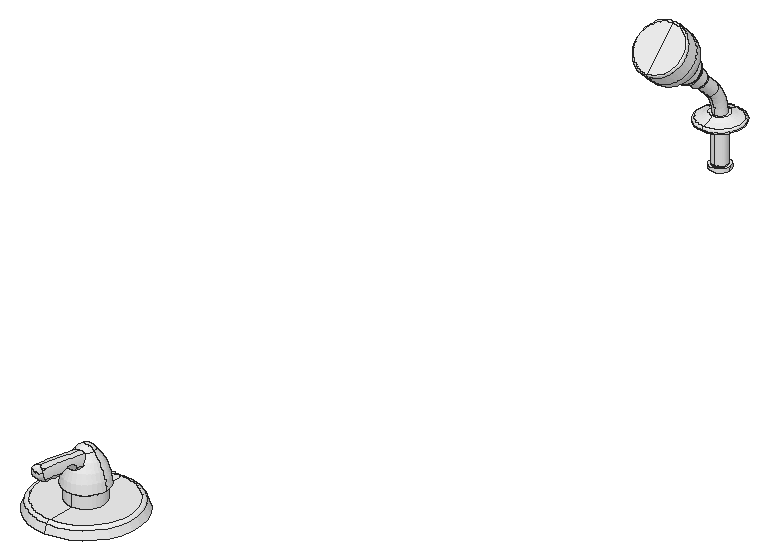
Revit family "S-9601-PLR", category Plumbing Fixtures, host Face, Revit 2019
Family settings
  Host = Face
  Round Connector Dimension = Use Diameter
  Part Type = Normal
  OmniClass Number = 23.65.70.11.11
  OmniClass Title = Fixtures for Liquids
  Cut with Voids When Loaded = No
  Shared = No
  Room Calculation Point = No
Parameters (values of type "1.2 GPM Flow Restrictor, Chrome")
  z Wide Lever = 0
  z Visibility = no
  z Valve = M Valve&diverter : Chrome
  z Type Model = 0
  z Type GPM = 0
  z Type Finish = 0
  z Type = 0
  z Slip On Tub = 0
  z Showerhead = shower head : Chrome
  z Reverse Core = 0
  z Pipe Radius = 0.000"
  z Overall Width = 0.000"
  z Overall Height = 0.000"
  z Overall Depth = 0.000"
  z Offset = 0.000"
  z Integral Service Stops = 0
  z Has Wide Lever Handle = no
  z Has Volume Control = no
  z Has Trim = no
  z Has Slip On Tub Spout = no
  z Has Showerhead = no
  z Has Reverse Core = no
  z Has Rebuild Kit Trim Only = no
  z Has Integral Service Stops = no
  z Has Check Stops = no
  z Has 2.0 GPM Flow Restrictor = no
  z Has 1.5 GPM Flow Restrictor = no
  z Has .5 Inch Female Connections = no
  z GPM Number = 0
  z GPM GPM = 0.000 GPM
  z Flow Rate = 0
  z Error Box Width = 0.000"
  z Error Box Height = 0.000"
  z Error Box Depth = 0.000"
  z .5 Inch Female Connections = 0
  z  Showerhead = 0
  Waste Connection = no
  Vent Connection = no
  URL = ""
  Product Material = Chrome - Symmons - Polished
  Model = ""
  Manufacturer = ""
  HW Connection = no
  Gallons Per Minute = 0.000 GPM
  Description = ""
  Default Elevation = 0.000"
  Date Modified = ""
  Date Created = ""
  CW Connection = no
Types (8): name | z Visibility | z Has Wide Lever Handle | z Has Volume Control | z Has Slip On Tub Spout | z Has Showerhead | z Has Reverse Core | z Has Integral Service Stops | z Has Check Stops | z Has 2.0 GPM Flow Restrictor | z Has 1.5 GPM Flow Restrictor | z Has .5 Inch Female Connections | Product Material | Gallons Per Minute
  1.2 GPM Flow Restrictor, Chrome | no | no | no | no | no | no | no | no | no | no | no | Chrome - Symmons - Polished | 0.000 GPM
  1.2 GPM Flow Restrictor, Satin Nickel | yes | yes | yes | yes | yes | yes | yes | yes | yes | yes | yes | Nickel - Symmons - Satin | 1.200 GPM
  1.5 GPM Flow Restrictor, Satin Nickel | yes | yes | yes | yes | yes | yes | yes | yes | yes | yes | yes | Nickel - Symmons - Satin | 1.500 GPM
  1.75 GPM Flow Restrictor, Satin Nickel | yes | yes | yes | yes | yes | yes | yes | yes | yes | yes | yes | Nickel - Symmons - Satin | 1.750 GPM
  2.0 GPM Flow Restrictor, Satin Nickel | yes | yes | yes | yes | yes | yes | yes | yes | yes | yes | yes | Nickel - Symmons - Satin | 0.000 GPM
  1.5 GPM Flow Restrictor, Chrome | yes | yes | yes | yes | yes | yes | yes | yes | yes | yes | yes | Chrome - Symmons - Polished | 1.500 GPM
  1.75 GPM Flow Restrictor, Chrome | yes | yes | yes | yes | yes | yes | yes | yes | yes | yes | yes | Chrome - Symmons - Polished | 1.750 GPM
  2.0 GPM Flow Restrictor, Chrome | yes | yes | yes | yes | yes | yes | yes | yes | yes | yes | yes | Chrome - Symmons - Polished | 2.000 GPM
Reference planes (in)
  plane 1 "Center (Front/Back)": y = 0
  plane 2 "Center (Elevation)": z = 0
  plane 3 "Center (Left/Right)": x = 0
  plane 4: x = -3.75
  plane 5: y = 28.5
  plane 6: x = 3.75
  plane 7: z = 0
  plane 8: z = 9.325
  plane 9: y = -12
  plane 10: y = 45
  plane 11: z = 0
Dimensions and locks (in)
  equal spacing: plane 4, plane 3 "Center (Left/Right)", plane 6
  plane 4 to plane 6 = 7.500"
  plane 5 to plane 1 "Center (Front/Back)" = 28.500"
  plane 7 to plane 2 "Center (Elevation)" = 0.000"
  plane 8 to plane 7 = 9.325"
  locked: plane 1 "Center (Front/Back)" to plane 9 at 12
  locked: plane 10 to plane 1 "Center (Front/Back)" at 45
  plane 11 to plane 7 = 0.000"
  plane 10 to plane 9 = 57.000"
  aligned and locked: plane 2 "Center (Elevation)" to host face
  aligned and locked: level to host face
Automatic sketch dimensions
  host sketch curve to host sketch curve = 7.44425"
  host sketch curve to host sketch curve = 60.71207"
Nested families (in)
  nested 1: "shower head" at (0, 44.98453, 0), type "Chrome"
    with z Pipe Radius 0.250", z Overall Width 2.500", z Overall Height 2.500", z Overall Depth 7.500", z Offset 1.000", Part Number "", Part Description "Single Mode Showerhead, 2.0 Flow Rate Restrictor, Chrome", Equipment Number ""
  nested 2: "M Valve&diverter" at (-0.00649, 0.06617, 0), type "Satin Nickel"
    with zz Length 9 4.000", zz Length 10 0.100", Part Number "3500-CYL-B", Part Description "Shower Valve System with Symmons Temptrol mixing valve,Chrome", Equipment Number ""
Connectors (in)
  piping at (0, 44.98453, -2.375), diameter 0.5
    settings: on nested 1, index 3, connector inside diameter 24", connector length 0.000", flow factor 0, pipe flow 0.000 GPM, pressure drop 0.00 psi, fitting loss kfactor 0, connector angle 0.000°, fixture units 0, engagement length 0.000", angle of deflection 0.000°, flow configuration 0, flow direction 1, fitting loss method 0, system type 29, joint type 0, gender type 0, connector reference index -1, connector utility 0, adjustable connector no, is connector primary yes, connector description "Shower Head Supply"
Definition of nested family "shower head"
  Parameters (values of type "Chrome")
    z Type GPM = 0
    z Type Flow Restrictor = 0
    z Type Finish = 0
    z Pipe Radius [instance] = 0.000"
    z Overall Width [instance] = 2.500"
    z Overall Height [instance] = 2.500"
    z Overall Depth [instance] = 7.500"
    z Offset [instance] = 1.000"
    z GPM Number = 0
    z GPM GPM = 0.000 GPM
    URL = ""
    Product Page URL = ""
    Product Material = none
    Product Documentation Link = ""
    Part Number [instance] = ""
    Part Description [instance] = ""
    Model Disclaimer = ""
    Model = ""
    Manufacturer = ""
    Gallons Per Minute = 0.000 GPM
    Family Version = ""
    Equipment Number [instance] = ""
    Equipment Abbreviation = ""
    Description = ""
    Default Elevation = 0.000"
    Date Modified = ""
    Date Created = ""
    Copyright = ""
  Types (2): name | z Pipe Radius
    Chrome | 0.000"
    Satin Nickel | 0.250"
  Reference planes (in)
    plane 1 "Center (Front/Back)": y = 0
    plane 2 "Center (Elevation)": z = 0
    plane 3 "Center (Left/Right)": x = 0
    plane 4: x = -1.25
    plane 5: y = 1.25
    plane 6: y = -1.25
    plane 7: x = 1.25
    plane 8: z = -1
    plane 9: z = 6.5
    plane 10: z = 0
    plane 11: y = -0.5
    plane 12: z = 0.33234
    plane 13: z = 0.15
    plane 14: y = -0.5695
  Forms (in)
    Extrusion 1, solid
      sketch origin (0, 0, 0) x (1, 0, 0) y (0, 1, 0)
        loop
          line (-1.75, 1.5) -> (-1.75, -1.77927) -> (1.52741, -1.77927) -> (1.52741, 1.5) -> (-1.75, 1.5)
      from 0 to -0.35383
    Revolve 2, solid, material <- "Product Material"
      sketch origin (0, 0, 0) x (0, 1, 0) y (0, 0, 1)
        loop
          line (0, 0.43) -> (-0.531, 0.43)
          arc (-0.531, 0.43) -> (-0.83077, 0.27718) -> (-1.152, 0.17705) r 1.98967
          arc (-1.152, 0.17705) -> (-1.22247, 0.13328) -> (-1.25, 0.05503) r 0.12497
          line (-1.25, 0.05503) -> (-1.25, 0) -> (-0.40524, 0) -> (-0.40524, -2.0983) -> (-0.37019, -2.11854) -> (-0.40524, -2.1364) -> (-0.40524, -2.16734) -> (-0.37033, -2.1875) -> (0, -2.1875) -> (0, 0.43)
        axis (0, -2.1875) -> (0, 0.43)
      angle from 0 to 360
    Revolve 3, solid, material <- "Product Material"
      sketch origin (0, 0, 0) x (0, 1, 0) y (0, 0, 1)
        loop
          line (-1.44893, 2.69442) -> (-4.27736, 5.52285) -> (-5.19512, 4.60509)
          arc (-5.19512, 4.60509) -> (-5.20669, 4.53512) -> (-5.17463, 4.47185) r 0.11397
          line (-5.17463, 4.47185) -> (-4.60328, 3.9005)
          arc (-4.60328, 3.9005) -> (-4.06, 3.55859) -> (-3.42138, 3.49354) r 1.40724
          arc (-3.42138, 3.49354) -> (-3.29656, 3.50007) -> (-3.18333, 3.44713) r 0.25784
          arc (-3.18333, 3.44713) -> (-3.16288, 3.42915) -> (-3.13674, 3.43676) r 0.02828
          line (-3.13674, 3.43676) -> (-3.09845, 3.47505) -> (-3.07648, 3.45308) -> (-3.11506, 3.4145) -> (-3.11506, 3.38343) -> (-3.08249, 3.416) -> (-3.02529, 3.4439) -> (-3.05483, 3.38834) -> (-3.03131, 3.36481) -> (-2.98876, 3.40736) -> (-2.96619, 3.38479) -> (-3.04685, 3.30413) -> (-2.85198, 3.10926) -> (-2.68557, 3.27567) -> (-2.66164, 3.24392) -> (-2.68364, 3.22193) -> (-2.636, 3.17429) -> (-2.67763, 3.13266) -> (-2.65558, 3.11061) -> (-2.7474, 3.01878)
          arc (-2.7474, 3.01878) -> (-2.70574, 3.00152) -> (-2.66407, 3.01878) r 0.05892
          line (-2.66407, 3.01878) -> (-2.54206, 3.14079)
          arc (-2.54206, 3.14079) -> (-2.44086, 3.09588) -> (-2.33184, 3.07652) r 0.45876
          line (-2.33184, 3.07652) -> (-2.26301, 3.00769) -> (-2.32244, 2.90048) -> (-1.92136, 2.49939) -> (-1.87345, 2.54729) -> (-1.85127, 2.52511) -> (-1.80643, 2.53464) -> (-1.81792, 2.49176) -> (-1.79616, 2.47) -> (-1.75329, 2.48149) -> (-1.76477, 2.43861) -> (-1.73476, 2.4086) -> (-1.44893, 2.69442)
        axis (-1.44893, 2.69442) -> (-4.27736, 5.52285)
      angle from 0 to 360
    Sweep 4, solid, material <- "Product Material"
      path origin (0, 0, 0) x (0, 1, 0) y (0, 0, 1)
        loop
          line (-1.4794, 2.72506) -> (-0.65089, 1.89655)
          arc (-0.65089, 1.89655) -> (-0.1891, 1.22379) -> (0, 0.43) r 2.23181
      profile origin (0, -1.06515, 2.3108) x (0, 0.707107, 0.707107) y (1, 0, 0)
        loop
          circle (-0.00012, 0) r 0.35413
    Extrusion 5, solid, material <- "Product Material"
      sketch origin (0, 0, 0) x (1, 0, 0) y (0, 1, 0)
        loop
          circle (0, 0) r 0.40524
        loop
          circle (0, 0) r 0.54462
      from -2.375 to -2.1875
  Lines and regions (in)
    Masking region 1
      outline origin (0, 0, 0) x (1, 0, 0) y (0, 0, 1)
        loop
          line (-1.25, 0) -> (-0.5, 0) -> (-0.5, -1) -> (0.5, -1) -> (0.5, 0) -> (1.25, 0) -> (1.25, 0.14959) -> (0.5695, 0.33234) -> (0.5, 0.33234) -> (0.5, 6.26256)
          spline (0.5, 6.26256) -> (0.53792, 6.27801) -> (0.5732, 6.29456) -> (0.60567, 6.31211) -> (0.63516, 6.33059) -> (0.66153, 6.3499) -> (0.68465, 6.36995) -> (0.70441, 6.39063) -> (0.72072, 6.41185) -> (0.73348, 6.43351) -> (0.74264, 6.45549) -> (0.74816, 6.47769) -> (0.75, 6.5)
          line (0.75, 6.5) -> (0.75, 7.07479) -> (1.25, 7.36347) -> (1.49591, 7.60938) -> (1.49591, 8.60938)
          spline (1.49591, 8.60938) -> (1.44494, 8.76866) -> (1.2955, 8.91709) -> (1.05777, 9.04454) -> (0.74795, 9.14235) -> (0.38717, 9.20383) -> (0, 9.2248) -> (-0.38717, 9.20383) -> (-0.74795, 9.14235) -> (-1.05777, 9.04454) -> (-1.2955, 8.91709) -> (-1.44494, 8.76866) -> (-1.49591, 8.60938)
          line (-1.49591, 8.60938) -> (-1.49591, 7.60938) -> (-1.25, 7.36347) -> (-0.75, 7.07479) -> (-0.75, 6.5)
          spline (-0.75, 6.5) -> (-0.74816, 6.47769) -> (-0.74264, 6.45549) -> (-0.73348, 6.43351) -> (-0.72072, 6.41185) -> (-0.70441, 6.39063) -> (-0.68465, 6.36995) -> (-0.66153, 6.3499) -> (-0.63516, 6.33059) -> (-0.60567, 6.31211) -> (-0.5732, 6.29456) -> (-0.53792, 6.27801) -> (-0.5, 6.26256)
          line (-0.5, 6.26256) -> (-0.5, 0.33234) -> (-0.5695, 0.33234) -> (-1.25, 0.14959) -> (-1.25, 0)
    symbolic lines, detail levels fine
      curve 1: line (-0.5, 0, 0.33234) -> (0.5, 0, 0.33234)
      curve 2: line (-1.25, 0, 0.14959) -> (1.25, 0, 0.14959)
      curve 3: spline (-0.5, 0, 6.26256) -> (-0.67885, 0, 6.36457) -> (-0.74948, 0, 6.48818) -> (-0.70063, 0, 6.61367) -> (-0.54008, 0, 6.72104) -> (-0.29343, 0, 6.79317) -> (0, 0, 6.81857) -> (0.29343, 0, 6.79317) -> (0.54008, 0, 6.72104) -> (0.70063, 0, 6.61367) -> (0.74948, 0, 6.48818) -> (0.67885, 0, 6.36457) -> (0.5, 0, 6.26256)
      curve 4: spline (-1.49591, 1.25, 7.60938) -> (-1.44494, 1.25, 7.80085) -> (-1.2955, 1.25, 7.97927) -> (-1.05777, 1.25, 8.13249) -> (-0.74795, 1.25, 8.25006) -> (-0.38717, 1.25, 8.32397) -> (0, 1.25, 8.34917) -> (0.38717, 1.25, 8.32397) -> (0.74795, 1.25, 8.25006) -> (1.05777, 1.25, 8.13249) -> (1.2955, 1.25, 7.97927) -> (1.44494, 1.25, 7.80085) -> (1.49591, 1.25, 7.60938)
      curve 5: spline (-0.5, 1.25, 6.5) -> (-0.48296, 1.25, 6.55497) -> (-0.43301, 1.25, 6.60619) -> (-0.35355, 1.25, 6.65017) -> (-0.25, 1.25, 6.68392) -> (-0.12941, 1.25, 6.70514) -> (0, 1.25, 6.71238) -> (0.12941, 1.25, 6.70514) -> (0.25, 1.25, 6.68392) -> (0.35355, 1.25, 6.65017) -> (0.43301, 1.25, 6.60619) -> (0.48296, 1.25, 6.55497) -> (0.5, 1.25, 6.5)
      curve 6: line (-0.5, 1.25, 6.5) -> (-0.5, 1.25, 6.26256)
      curve 7: line (0.5, 1.25, 6.5) -> (0.5, 1.25, 6.26256)
  Dimensions and locks (in)
    equal spacing: plane 4, plane 3 "Center (Left/Right)", plane 7
    "z Overall Width": plane 4 to plane 7
    equal spacing: plane 5, plane 1 "Center (Front/Back)", plane 6
    "z Overall Height": plane 5 to plane 6
    "z Overall Depth": plane 9 to plane 8
    plane 12 to plane 13 to plane 10 to plane 8 = 0.18234" locked, 0.150" locked, 1.000" locked
    plane 6 to plane 14 to plane 11 = 0.6805" locked, 0.0695" locked
    "z Offset": plane 2 "Center (Elevation)" to plane 8
    Masking region 1 sketch curve to Masking region 1 sketch curve to Masking region 1 sketch curve to Masking region 1 sketch curve to Masking region 1 sketch curve to plane 3 "Center (Left/Right)" to Masking region 1 sketch curve to Masking region 1 sketch curve to Masking region 1 sketch curve to Masking region 1 sketch curve to Masking region 1 sketch curve = 0.74591" locked, 0.1805" locked, 0.0695" locked, 0.000" locked, 0.500" locked, 0.500" locked, 0.000" locked, 0.0695" locked, 0.1805" locked, 0.74591" locked
    Masking region 1 sketch curve to Masking region 1 sketch curve to plane 2 "Center (Elevation)" = 0.000" locked, 0.33234" locked
    locked: curve 2 to plane 8 at 1.14959
    equal spacing: curve 1, plane 3 "Center (Left/Right)", curve 1
    locked: curve 1 to curve 1 at 1
    locked: curve 1 to plane 8 at 1.33234
    equal spacing: curve 3, plane 3 "Center (Left/Right)", curve 3
    locked: curve 3 to curve 3 at 1
    locked: curve 4 to plane 9 at 1.10938
    equal spacing: curve 4, plane 3 "Center (Left/Right)", curve 4
    locked: curve 4 to curve 4 at 2.99182
    curve 4 to curve 4 to plane 9 = 0.000" locked, 1.10938" locked
    Masking region 1 sketch curve to plane 9 to Masking region 1 sketch curve to Masking region 1 sketch curve to Masking region 1 sketch curve = 0.000" locked, 0.000" locked, 0.23744" locked, 0.000" locked
    plane 9 to curve 6 to curve 7 = 0.23744" locked, 0.000" locked
    aligned and locked: plane 2 "Center (Elevation)" to Extrusion 1
    aligned and locked: level to Extrusion 1
    aligned and locked: Revolve 2 sketch curve to plane 1 "Center (Front/Back)"
    aligned and locked: Masking region 1 sketch curve to plane 8
    aligned and locked: Masking region 1 sketch curve to plane 2 "Center (Elevation)"  (x2)
    aligned and locked: plane 7 to curve 2
    aligned and locked: plane 4 to curve 2
    aligned and locked: plane 9 to Masking region 1 sketch curve  (x2)
    aligned and locked: plane 3 "Center (Left/Right)" to Masking region 1 sketch curve  (x2)
    aligned and locked: plane 9 to curve 5  (x2)
    aligned and locked: plane 3 "Center (Left/Right)" to curve 5
    aligned and locked: plane 9 to curve 6
  Automatic sketch dimensions
    Extrusion 1 sketch curve to Extrusion 1 sketch curve = 3.27741"
    Extrusion 1 sketch curve to Extrusion 1 sketch curve = 3.27927"
    Masking region 1 sketch curve to plane 4 = 0.000"  (x2)
    Masking region 1 sketch curve to plane 7 = 0.000"  (x2)
    Masking region 1 sketch curve to Masking region 1 sketch curve = 0.14959"  (x2)
    Masking region 1 sketch curve to Masking region 1 sketch curve = 0.57479"  (x2)
    Masking region 1 sketch curve to Masking region 1 sketch curve = 0.28868"  (x2)
    Masking region 1 sketch curve to Masking region 1 sketch curve = 0.24591"  (x2)
    Masking region 1 sketch curve to Masking region 1 sketch curve = 1.000"
    curve 3 to plane 9 = 0.000"
    curve 3 to plane 3 "Center (Left/Right)" = 0.000"
    curve 3 to curve 3 = 0.250"
    curve 5 to curve 5 = 0.500"
    curve 3 to plane 9 = 0.23744"
    Revolve 2 sketch curve to level = 0.000"
    Revolve 2 sketch curve to plane 6 = 0.000"
    Revolve 2 sketch curve to plane 1 "Center (Front/Back)" = 0.000"
    Revolve 2 sketch curve to plane 6 = 0.33133"
    level to Revolve 2 sketch curve = 0.05503"
    plane 6 to Revolve 2 sketch curve = 0.12497"
    Revolve 2 sketch curve to plane 11 = 0.031"
    plane 11 to Revolve 2 sketch curve = 0.09476"
    Revolve 2 sketch curve to Revolve 2 sketch curve = 0.000"
    Revolve 2 sketch curve to Revolve 2 sketch curve = 0.03491"
    Revolve 2 sketch curve to plane 8 = 1.0983"
    Revolve 2 sketch curve to Revolve 2 sketch curve = 0.02016"
    plane 12 to Revolve 2 sketch curve = 0.09766"
    plane 12 to Revolve 2 sketch curve = 1.78751"
    Revolve 2 sketch curve to Revolve 2 sketch curve = 0.03505"
    Revolve 2 sketch curve to Revolve 2 sketch curve = 0.02024"
    Revolve 2 sketch curve to Revolve 2 sketch curve = 0.03095"
    Revolve 2 sketch curve to Revolve 2 sketch curve = 21.8125"
    plane 9 to Revolve 2 sketch curve = 79.77586"
    Revolve 2 sketch curve to Revolve 2 sketch curve = 0.03809"
    Revolve 3 sketch curve to plane 9 = 1.89491"
    Revolve 3 sketch curve to plane 6 = 3.94512"
    Revolve 3 sketch curve to plane 9 = 2.02815"
    Revolve 3 sketch curve to Revolve 3 sketch curve = 0.02049"
    Revolve 3 sketch curve to Revolve 3 sketch curve = 0.10108"
    Revolve 3 sketch curve to Revolve 3 sketch curve = 0.57135"  (x2)
    Revolve 3 sketch curve to plane 9 = 0.97715"  (x2)
    Revolve 3 sketch curve to Revolve 3 sketch curve = 0.81669"
    Revolve 3 sketch curve to Revolve 3 sketch curve = 0.67551"
    Revolve 3 sketch curve to Revolve 3 sketch curve = 1.25738"
    Revolve 3 sketch curve to Revolve 3 sketch curve = 0.18916"
    Revolve 3 sketch curve to Revolve 3 sketch curve = 0.020"  (x2)
    Revolve 3 sketch curve to Revolve 3 sketch curve = 0.02168"
    Revolve 3 sketch curve to Revolve 3 sketch curve = 0.03829"
    Revolve 3 sketch curve to Revolve 3 sketch curve = 0.03257"
    Revolve 3 sketch curve to Revolve 3 sketch curve = 0.02197"
    Revolve 3 sketch curve to Revolve 3 sketch curve = 0.02766"
    Revolve 3 sketch curve to Revolve 3 sketch curve = 0.00798"
    Revolve 3 sketch curve to Revolve 3 sketch curve = 0.02353"
    Revolve 3 sketch curve to Revolve 3 sketch curve = 0.05118"
    Revolve 3 sketch curve to Revolve 3 sketch curve = 0.03653"  (x2)
    Revolve 3 sketch curve to Revolve 3 sketch curve = 0.02257"
    Revolve 3 sketch curve to Revolve 3 sketch curve = 0.19487"
    Revolve 3 sketch curve to Revolve 3 sketch curve = 0.10458"
    Revolve 3 sketch curve to Revolve 3 sketch curve = 0.04167"  (x3)
    Revolve 3 sketch curve to Revolve 3 sketch curve = 0.02017"
    Revolve 3 sketch curve to Revolve 3 sketch curve = 0.00193"
    Revolve 3 sketch curve to Revolve 3 sketch curve = 0.02811"
    Revolve 3 sketch curve to Revolve 3 sketch curve = 0.02199"
    Revolve 3 sketch curve to Revolve 3 sketch curve = 0.02205"
    Revolve 3 sketch curve to Revolve 3 sketch curve = 0.04163"
    Revolve 3 sketch curve to Revolve 3 sketch curve = 0.09394"
    Revolve 3 sketch curve to Revolve 3 sketch curve = 0.21022"
    Revolve 3 sketch curve to Revolve 3 sketch curve = 0.0094"
    Revolve 3 sketch curve to Revolve 3 sketch curve = 0.35491"
    Revolve 3 sketch curve to Revolve 3 sketch curve = 0.06883"  (x2)
    Revolve 3 sketch curve to Revolve 3 sketch curve = 0.40108"
    Revolve 3 sketch curve to Revolve 3 sketch curve = 0.0479"
    Revolve 3 sketch curve to Revolve 3 sketch curve = 0.02219"
    Revolve 3 sketch curve to Revolve 3 sketch curve = 0.03334"  (x2)
    Revolve 3 sketch curve to Revolve 3 sketch curve = 0.01149"  (x2)
    Revolve 3 sketch curve to Revolve 3 sketch curve = 0.02176"  (x2)
    Revolve 3 sketch curve to Revolve 3 sketch curve = 0.03139"  (x2)
    Revolve 3 sketch curve to Revolve 3 sketch curve = 0.04287"  (x2)
    Revolve 3 sketch curve to Revolve 3 sketch curve = 0.03002"
    Revolve 3 sketch curve to plane 6 = 0.19893"
    Revolve 3 sketch curve to Revolve 3 sketch curve = 0.00763"
    Revolve 3 sketch curve to Revolve 3 sketch curve = 0.10722"
    Revolve 3 sketch curve to Revolve 3 sketch curve = 0.1183"
    Revolve 3 sketch curve to Revolve 3 sketch curve = 0.09048"
    Revolve 3 sketch curve to Revolve 3 sketch curve = 0.05016"
    Revolve 3 sketch curve to Revolve 3 sketch curve = 0.0335"
    Revolve 3 sketch curve to Revolve 3 sketch curve = 0.13773"
    Revolve 3 sketch curve to Revolve 3 sketch curve = 0.03175"
    Revolve 3 sketch curve to Revolve 3 sketch curve = 0.00491"
    Revolve 3 sketch curve to Revolve 3 sketch curve = 0.03106"
    Revolve 3 sketch curve to Revolve 3 sketch curve = 0.0015"
    Revolve 3 sketch curve to Revolve 3 sketch curve = 0.02226"
    Revolve 3 sketch curve to Revolve 3 sketch curve = 0.63369"
    Revolve 3 sketch curve to Revolve 3 sketch curve = 0.000"  (x3)
    Revolve 3 sketch curve to Revolve 3 sketch curve = 0.07548"
    Sweep 4 sketch curve to plane 1 "Center (Front/Back)" = 0.000"
    level to Sweep 4 sketch curve = 0.31842"
    Sweep 4 sketch curve to plane 6 = 0.97902"
    plane 6 to Sweep 4 sketch curve = 0.59911"
    Sweep 4 sketch curve to plane 6 = 0.2294"
    level to Sweep 4 sketch curve = 0.430"
    Sweep 4 sketch curve to Sweep 4 sketch curve = 0.82851"
    Sweep 4 sketch curve to plane 3 "Center (Left/Right)" = 0.000"
    profile plane to Sweep 4 sketch curve = 0.00012"
    Sweep 4 sketch curve to Sweep 4 sketch curve = 0.35413"
    Extrusion 5 sketch curve to Extrusion 5 sketch curve = 0.000"  (x2)
    plane 1 "Center (Front/Back)" to Extrusion 5 sketch curve = 0.000"
    Extrusion 5 sketch curve to plane 3 "Center (Left/Right)" = 0.000"
    radius of Extrusion 5 sketch curve = 0.40524"
    radius of Extrusion 5 sketch curve = 0.54462"
  Connectors (in)
    piping at (0, 0, -2.375), diameter 1.08
      settings: on Extrusion 5, index 1, connector inside diameter 24", connector length 0.000", flow factor 0, pipe flow 0.000 GPM, pressure drop 0.00 psi, fitting loss kfactor 0, connector angle 0.000°, fixture units 0, engagement length 0.000", angle of deflection 0.000°, flow configuration 0, flow direction 0, fitting loss method 0, system type 7, joint type 0, gender type 0, connector reference index -1, connector utility 0, adjustable connector no, is connector primary yes, connector description ""
Definition of nested family "M Valve&diverter"
  Parameters (values of type "Satin Nickel")
    zz Text 2 = "None Selected"
    zz Text 1 = "None Selected"
    zz Length 9 [instance] = 4.000"
    zz Length 10 [instance] = 0.100"
    URL = ""
    Product Page URL = ""
    Product Material = none
    Product Documentation Link = ""
    Part Number [instance] = ""
    Part Description [instance] = ""
    Model Disclaimer = ""
    Model = ""
    Manufacturer = ""
    Family Version = ""
    Equipment Number [instance] = ""
    Equipment Abbreviation = ""
    Description = ""
    Default Elevation = 0.000"
    Date Modified = ""
    Date Created = ""
    Copyright = ""
  Types (2): name | zz Length 9 | zz Length 10
    Chrome | 0.000" | 0.000"
    Satin Nickel | 4.000" | 0.100"
  Reference planes (in)
    plane 1 "Center (Front/Back)": y = 0
    plane 2 "Center (Elevation)": z = 0
    plane 3 "Center (Left/Right)": x = 0
    plane 4: x = -16
    plane 5: y = 3.75
    plane 6: y = -3.75
    plane 7: x = 16
    plane 8: z = 0
    plane 9: x = 3.25
    plane 10: x = -3.25
    plane 11: y = -5.75
  Forms (in)
    Extrusion 1, solid, material <- "Product Material"
      sketch origin (0, 0, 0) x (1, 0, 0) y (0, 1, 0)
        loop
          line (-3.25, 3.75) -> (-3.25, -3.75) -> (3.25, -3.75) -> (3.25, 3.75) -> (-3.25, 3.75)
      from 0 to -0.49403
  Dimensions and locks (in)
    equal spacing: plane 4, plane 3 "Center (Left/Right)", plane 7, locked at 16 each
    plane 4 to plane 7 = 32.000"
    equal spacing: plane 5, plane 1 "Center (Front/Back)", plane 6
    locked: plane 5 to plane 6 at 7.5
    equal spacing: plane 10, plane 3 "Center (Left/Right)", plane 9
    locked: plane 10 to plane 9 at 6.5
    locked: plane 6 to plane 11 at 2
    aligned and locked: plane 2 "Center (Elevation)" to Extrusion 1
    aligned and locked: level to Extrusion 1
  Automatic sketch dimensions
    Extrusion 1 sketch curve to Extrusion 1 sketch curve = 6.500"
    Extrusion 1 sketch curve to Extrusion 1 sketch curve = 7.500"
  Nested families (in)
    nested 1: "diverter" at (0, 0, 0), type "Chrome"
      with zz Length 9 0.000", zz Length 10 0.100", Part Number "3500-CYL-B", Part Description "Shower Valve System with Symmons Temptrol mixing valve,Chrome", Equipment Number ""
  Definition of nested family "diverter"
    Parameters (values of type "Satin Nickel")
      zz Text 2 = "None Selected"
      zz Text 1 = "None Selected"
      zz Length 9 [instance] = 0.000"  # constant formula
      zz Length 10 [instance] = 0.000"
      Waste Connection = no
      Vent Connection = no
      URL = ""
      Product Page URL = ""
      Product Material = none
      Product Documentation Link = ""
      Part Number [instance] = ""
      Part Description [instance] = ""
      Model Disclaimer = ""
      Model = ""
      Manufacturer = ""
      HW Connection = no
      Family Version = ""
      Equipment Number [instance] = ""
      Equipment Abbreviation = ""
      Description = ""
      Default Elevation = 0.000"  # constant formula
      Date Modified = ""
      Date Created = ""
      Copyright = ""
      CW Connection = no
    Types (2): name
      Polished Chrome
      Satin Nickel
    Reference planes (in)
      plane 1 "Center (Front/Back)": y = 0
      plane 2 "Center (Elevation)": z = 0
      plane 3 "Center (Left/Right)": x = 0
    Forms (in)
      Extrusion 1, solid, material <- "Product Material", not visible
        sketch origin (0, 0, 0) x (1, 0, 0) y (0, 1, 0)
          loop
            line (-3.25, 3.75) -> (-3.25, -3.75) -> (3.25, -3.75) -> (3.25, 3.75) -> (-3.25, 3.75)
        from 0 to -0.49403
      Revolve 2, solid, material <- "Product Material"
        sketch origin (0, 0, 0) x (1, 0, 0) y (0, 0, 1)
          loop
            line (0, 1.32575) -> (0, 3.29294)
            arc (0, 3.29294) -> (-0.26223, 3.22792) -> (-0.46371, 3.04793) r 0.56132
            arc (-0.46371, 3.04793) -> (-0.97637, 2.2511) -> (-1.18004, 1.32575) r 2.68262
            line (-1.18004, 1.32575) -> (0, 1.32575)
          axis (0, 1.32575) -> (0, 3.29294)
        angle from 0 to 360
      Sweep 3, solid, material <- "Product Material"
        path origin (0, 0, 0) x (0, 1, 0) y (0, 0, 1)
          loop
            spline (-3.46104, 3.64859) -> (-2.7314, 3.54557) -> (-2.31762, 3.48227) -> (-2.05814, 3.43692) -> (-1.8128, 3.39104) -> (-1.56301, 3.34459) -> (-1.33191, 3.3037) -> (-1.12101, 3.26778) -> (-0.91375, 3.23067) -> (-0.69389, 3.18625) -> (-0.44827, 3.12911) -> (-0.15184, 3.03897) -> (0.27347, 2.83202)
        profile origin (0, -1.33191, 3.3037) x (0, 0.168931, 0.985628) y (1, 0, 0)
          loop
            arc (-0.82742, 0) -> (-0.75571, -0.21852) -> (-0.58525, -0.37291) r 0.44918
            arc (-0.58525, -0.37291) -> (-0.32566, -0.3437) -> (-0.07626, -0.26597) r 1.3764
            arc (-0.07626, -0.26597) -> (-0.01085, -0.14081) -> (0, 0) r 0.35132
            arc (0, 0) -> (-0.01085, 0.14081) -> (-0.07626, 0.26597) r 0.35132
            arc (-0.07626, 0.26597) -> (-0.32566, 0.3437) -> (-0.58525, 0.37291) r 1.3764
            arc (-0.58525, 0.37291) -> (-0.75571, 0.21852) -> (-0.82742, 0) r 0.44918
      Revolve 4, void
        sketch origin (0, 0, 0) x (0, 1, 0) y (0, 0, 1)
          loop
            arc (-0.95581, 2.28645) -> (-0.96929, 2.34342) -> (-0.98932, 2.39844) r 0.50162
            arc (-0.98932, 2.39844) -> (-1.40662, 2.81321) -> (-1.99486, 2.82526) r 0.79126
            line (-1.99486, 2.82526) -> (-2.55581, 2.71622)
            arc (-2.55581, 2.71622) -> (-2.71348, 2.71297) -> (-2.87024, 2.7302) r 1.21378
            arc (-2.87024, 2.7302) -> (-3.02083, 2.76634) -> (-3.16589, 2.82059) r 1.2673
            arc (-3.16589, 2.82059) -> (-3.37699, 3.01068) -> (-3.43607, 3.28854) r 0.45972
            arc (-3.43607, 3.28854) -> (-3.35265, 3.50817) -> (-3.1716, 3.6579) r 0.45972
            line (-3.1716, 3.6579) -> (-3.86299, 3.76709) -> (-4.02039, 2.77044) -> (-0.95581, 2.28645)
          axis (-0.79841, 3.2831) -> (-3.86299, 3.76709)
        angle from -75.816 to 75.039
      Revolve 5, solid, material <- "Product Material"
        sketch origin (0, 0, 0) x (0, 1, 0) y (0, 0, 1)
          loop
            line (0, 2.22775) -> (-0.16651, 2.22775) -> (-0.20247, 2.19179) -> (-0.20247, 1.69179) -> (-0.2295, 1.66476) -> (-0.2295, 1.57075) -> (-0.33051, 1.57075) -> (-0.33051, 1.45083) -> (-0.37303, 1.40831) -> (-0.37303, 1.37325) -> (-0.40664, 1.37325) -> (-0.48106, 1.29883) -> (-0.50016, 1.26575) -> (-0.96713, 1.26575)
            arc (-0.96713, 1.26575) -> (-1.00171, 1.25143) -> (-1.01603, 1.21685) r 0.0489
            line (-1.01603, 1.21685) -> (-1.01603, 0.54853) -> (-2.52384, 0.54853)
            arc (-2.52384, 0.54853) -> (-2.64884, 0.51387) -> (-2.73813, 0.41977) r 0.2427
            line (-2.73813, 0.41977) -> (-2.90773, 0) -> (-2.75674, 0) -> (-2.59168, 0.40853) -> (0, 0.40853) -> (0, 2.22775)
          axis (0, 2.22775) -> (0, 0)
        angle from 0 to 360
    Cuts and joins
      Revolve 4 cuts Sweep 3
    Dimensions and locks (in)
      aligned and locked: plane 2 "Center (Elevation)" to Extrusion 1
      aligned and locked: level to Extrusion 1
